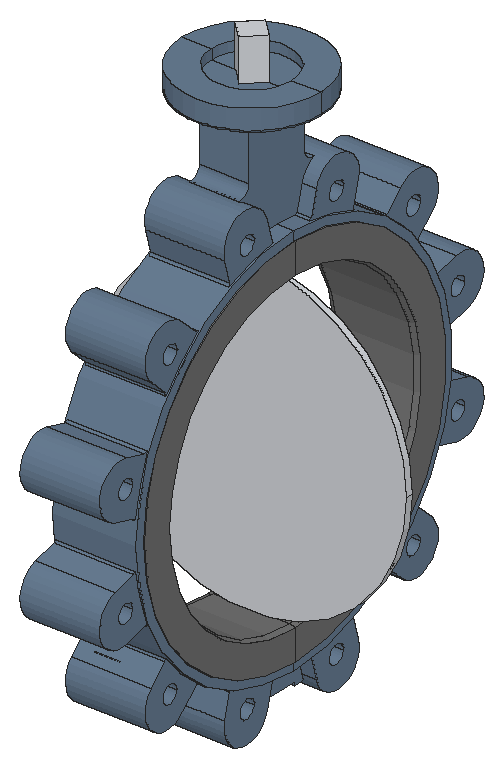
Revit family "Absperr- und Regulierklappe AF-4219", category Rohrzubehör, Revit 2020
Family settings
  Bemaßung runder Anschluss = Durchmesser verwenden
  Teiletyp = Unterbricht
  OmniClass-Nummer = 23.65.55.14
  OmniClass-Titel = Valves for Liquid Services
  Arbeitsebenenbasiert = Nein
  Immer vertikal = Ja
  Beim Laden mit Abzugskörper schneiden = Nein
  Gemeinsam genutzt = Nein
Parameters
  Vorgabe-Ansicht = 0.000 mm
  URL = "www.herz-armaturen.at"
  Spindel = "Edelstahl ASTM-A276 / Type 316"  # constant formula
  Schrauben [instance] = if(Nennweite = 50.000 mm, "4x M16x35", if(Nennweite = 65.000 mm, "4x M16x35", if(Nennweite = 80.000 mm, "8x M16x35", if(Nennweite = 100.000 mm, "8x M16x40", if(Nennweite = 125.000 mm, "8x M16x40", if(Nennweite = 150.000 mm, "8x M20x40", if(Nennweite = 200.000 mm, "12x M20x45", if(Nennweite = 250.000 mm, "12x M24x45", "12x M24x45"))))))))  # "12x M24x45"
  SCTWSEQ = "FW;SBT_TYP_FW=\"101\";2"
  SCTWCODE = "04;07;02"  # constant formula
  SCRNSEQ = "ARM;ARM_TYP=\"ALLF\";2"
  SCRNCODE = "05;13;02"  # constant formula
  R99 = 1.500 mm  # constant formula
  R02 [instance] = size_lookup("4219_AF_", "R2", 1.000 mm, Nennweite)  # 37.500 mm
  PN [instance] = size_lookup("4219_AF_", "PN", 16, Nennweite)  # 10
  O-Ring = "EPDM entsprechend ISO 1691"  # constant formula
  Min.Betriebstemperatur = "-20.00 °C bei entsprechender Wasser-Glycolmischung"  # constant formula
  Medium = "Ethylen- und Propyleneglykol kann in einem Mischungsverhältnis zwischen 25 - 50 vol. [%] verwendet werden."
  Max.Betriebstemperatur = 110 °C  # constant formula
  L05 [instance] = size_lookup("4219_AF_", "L5", 1.000 mm, Nennweite)  # 22.000 mm
  L04 [instance] = L01 - 3.500 mm  # 35.500 mm
  L03 [instance] = L01 + 1.500 mm  # 40.500 mm
  L02 [instance] = size_lookup("4219_AF_", "L2", 14.500 mm, Nennweite)  # 30.500 mm
  L01 [instance] = size_lookup("4219_AF_", "L1", 21.500 mm, Nennweite)  # 39.000 mm
  R01 [instance] = size_lookup("4219_AF_", "R1", 44.000 mm, Nennweite)  # 65.000 mm
  Nennweite [instance] = 300.000 mm
  Klappenscheibe = "Edelstahl 1.4408"  # constant formula
  Hersteller = "HERZ Armaturen Ges.m.b.H."  # constant formula
  Hebel DN50-150 = "Stahl, ST14.03"  # constant formula
  Hebel DN200-DN300 = "Stahl, S235 DIN2458/1626"  # constant formula
  H05 [instance] = size_lookup("4219_AF_", "H5", 1.000 mm, Nennweite) + H03  # 39.000 mm
  H04 [instance] = H01 - H03  # 299.000 mm
  H03 [instance] = size_lookup("4219_AF_", "H3", 1.000 mm, Nennweite)  # 9.000 mm
  H02 [instance] = size_lookup("4219_AF_", "H2", 13.000 mm, Nennweite)  # 20.000 mm
  H01 [instance] = size_lookup("4219_AF_", "H1", 125.000 mm, Nennweite)  # 308.000 mm
  Gewicht [instance] = size_lookup("4219_AF_", "Gewicht", 3.8, Nennweite)  # 37.6
  Gehäuseauskleidung = "EPDM entsprechend ISO 1691"  # constant formula
  Gehäuse = "GGG, GJS-400-15/JS1030, entsprechend EN1563"  # constant formula
  Drehmoment in NM [instance] = size_lookup("4219_AF_", "Nm", 20, Nennweite)  # 350
  DN80 [instance] = Nennweite = 80.000 mm  # no
  DN65 [instance] = Nennweite = 65.000 mm  # no
  DN50 [instance] = Nennweite = 50.000 mm  # no
  DN300 [instance] = Nennweite = 300.000 mm  # yes
  DN250 [instance] = Nennweite = 250.000 mm  # no
  DN200 [instance] = Nennweite = 200.000 mm  # no
  DN150 [instance] = Nennweite = 150.000 mm  # no
  DN125 [instance] = Nennweite = 125.000 mm  # no
  DN100 [instance] = Nennweite = 100.000 mm  # no
  D06 [instance] = size_lookup("4219_AF_", "D6", 25.300 mm, Nennweite)  # 146.500 mm
  D05 [instance] = size_lookup("4219_AF_", "D5", 24.500 mm, Nennweite)  # 145.000 mm
  D04 [instance] = D05 + 2.000 mm  # 147.000 mm
  D03 [instance] = size_lookup("4219_AF_", "D3", 35.500 mm, Nennweite)  # 167.500 mm
  D02 [instance] = size_lookup("4219_AF_", "D2", 41.000 mm, Nennweite)  # 175.000 mm
  D01 [instance] = size_lookup("4219_AF_", "D1", 47.000 mm, Nennweite)  # 183.000 mm
  Bestellnummer [instance] = size_lookup("4219_AF_", "Artnr", 421911, Nennweite)  # 1421939
  Anwendungsgebiet = "Geeignet für Flüssigkeiten in der Haustechnik, Kaltwasser, Heißwasser, etc."
  Anschlussflansch = "entsprechend EN1092-2"  # constant formula
Reference planes
  plane 1 "Mitte (Vorne/hinten)": y = 0
  plane 2: z = 0
  plane 3 "Mitte (Links/rechts)": x = 0
Forms (mm)
  Revolve 1, solid, material "Herz-Metall-blau", detail levels fine
    sketch origin (0, 0, 0) x (1, 0, 0) y (0, 0, 1)
      loop
        line (-30.5, 175) -> (-30.5, 167.5) -> (30.5, 167.5) -> (30.5, 175) -> (39, 175) -> (39, 183) -> (-39, 183) -> (-39, 175) -> (-30.5, 175)
      axis (-39, 0) -> (39, 0)
    angle from 0 to 360
  Revolve 2, solid, material "Herz-Metall-blau", detail levels fine
    sketch origin (0, 0, 0) x (1, 0, 0) y (0, 0, 1)
      loop
        line (-65, 308) -> (-65, 289.463)
        arc (-65, 289.463) -> (-64.673, 288.527) -> (-63.833, 288) r 1.5
        line (-63.833, 288) -> (0, 288) -> (0, 299) -> (-37.5, 299) -> (-37.5, 308) -> (-65, 308)
      axis (0, 308) -> (0, 288)
    angle from 0 to 360
  Extrusion 3, solid, material "Herz-Metall-blau", visible <- "DN50", detail levels fine
    sketch origin (0, 0, 0) x (0, 1, 0) y (0, 0, 1)
      loop
        line (56.215, -32.173) -> (43.95, -19.909)
        arc (43.95, -19.909) -> (43.387, -18.793) -> (43.596, -17.56) r 2
        arc (43.596, -17.56) -> (33.234, -33.234) -> (17.56, -43.596) r 47
        arc (17.56, -43.596) -> (18.793, -43.387) -> (19.909, -43.95) r 2
        line (19.909, -43.95) -> (32.173, -56.215)
        arc (32.173, -56.215) -> (56.215, -56.215) -> (56.215, -32.173) r 17
      loop
        arc (-56.215, -32.173) -> (-56.215, -56.215) -> (-32.173, -56.215) r 17
        line (-32.173, -56.215) -> (-19.909, -43.95)
        arc (-19.909, -43.95) -> (-18.793, -43.387) -> (-17.56, -43.596) r 2
        arc (-17.56, -43.596) -> (-33.234, -33.234) -> (-43.596, -17.56) r 47
        arc (-43.596, -17.56) -> (-43.387, -18.793) -> (-43.95, -19.909) r 2
        line (-43.95, -19.909) -> (-56.215, -32.173)
      loop
        arc (56.215, 32.173) -> (56.215, 56.215) -> (32.173, 56.215) r 17
        line (32.173, 56.215) -> (19.909, 43.95)
        arc (19.909, 43.95) -> (18.793, 43.387) -> (17.56, 43.596) r 2
        arc (17.56, 43.596) -> (33.234, 33.234) -> (43.596, 17.56) r 47
        arc (43.596, 17.56) -> (43.387, 18.793) -> (43.95, 19.909) r 2
        line (43.95, 19.909) -> (56.215, 32.173)
      loop
        line (-56.215, 32.173) -> (-43.95, 19.909)
        arc (-43.95, 19.909) -> (-43.387, 18.793) -> (-43.596, 17.56) r 2
        arc (-43.596, 17.56) -> (-33.234, 33.234) -> (-17.56, 43.596) r 47
        arc (-17.56, 43.596) -> (-18.793, 43.387) -> (-19.909, 43.95) r 2
        line (-19.909, 43.95) -> (-32.173, 56.215)
        arc (-32.173, 56.215) -> (-56.215, 56.215) -> (-56.215, 32.173) r 17
      loop
        circle (-44.194, 44.194) r 6.92
      loop
        circle (44.194, 44.194) r 6.92
      loop
        circle (44.194, -44.194) r 6.92
      loop
        circle (-44.194, -44.194) r 6.92
    from -19.5 to 19.5
  Extrusion 4, solid, material "Herz-Metall-blau", visible <- "DN50", detail levels fine
    sketch origin (0, 0, 0) x (0, 1, 0) y (0, 0, 1)
      loop
        line (20, 74.845) -> (20, 112) -> (-20, 112) -> (-20, 74.845)
        arc (-20, 74.845) -> (-26.046, 62.811) -> (-39.31, 60.477) r 15
        arc (-39.31, 60.477) -> (-35.477, 58.789) -> (-32.173, 56.215) r 17
        line (-32.173, 56.215) -> (-19.909, 43.95)
        arc (-19.909, 43.95) -> (-18.793, 43.387) -> (-17.56, 43.596) r 2
        arc (-17.56, 43.596) -> (0, 47) -> (17.56, 43.596) r 47
        arc (17.56, 43.596) -> (18.793, 43.387) -> (19.909, 43.95) r 2
        line (19.909, 43.95) -> (32.173, 56.215)
        arc (32.173, 56.215) -> (35.477, 58.789) -> (39.31, 60.477) r 17
        arc (39.31, 60.477) -> (26.046, 62.811) -> (20, 74.845) r 15
    from -15 to 15
  Extrusion 5, solid, material "Herz-Metall-blau", visible <- "DN50"
    sketch origin (0, 0, 0) x (0, 1, 0) y (0, 0, 1)
      loop
        arc (33.834, -58) -> (34.246, -58.062) -> (34.622, -58.243) r 1.4
        arc (34.622, -58.243) -> (33.35, -57.286) -> (32.173, -56.215) r 17
        line (32.173, -56.215) -> (19.909, -43.95)
        arc (19.909, -43.95) -> (18.793, -43.387) -> (17.56, -43.596) r 2
        arc (17.56, -43.596) -> (0, -47) -> (-17.56, -43.596) r 47
        arc (-17.56, -43.596) -> (-18.793, -43.387) -> (-19.909, -43.95) r 2
        line (-19.909, -43.95) -> (-32.173, -56.215)
        arc (-32.173, -56.215) -> (-33.35, -57.286) -> (-34.622, -58.243) r 17
        arc (-34.622, -58.243) -> (-34.246, -58.062) -> (-33.834, -58) r 1.4
        line (-33.834, -58) -> (-16.963, -58)
        arc (-16.963, -58) -> (-15.575, -58.575) -> (-15, -59.963) r 1.963
        line (-15, -59.963) -> (-15, -61) -> (15, -61) -> (15, -59.963)
        arc (15, -59.963) -> (15.575, -58.575) -> (16.963, -58) r 1.963
        line (16.963, -58) -> (33.834, -58)
    from -15 to 15
  Revolve 6, solid, material "Gummi", detail levels fine
    sketch origin (-134.5, 0, 0) x (1, 0, 0) y (0, 0, 1)
      loop
        line (94, 175) -> (94, 147) -> (99, 145) -> (170, 145) -> (175, 147) -> (175, 175) -> (165, 175) -> (165, 167.5) -> (104, 167.5) -> (104, 175) -> (94, 175)
      axis (94, 0) -> (175, 0)
    angle from 0 to 360
  Extrusion 7, solid, detail levels fine
    sketch origin (0, 0, 0) x (1, 0, 0) y (0, 0, 1)
      loop
        circle (0, 0) r 146.5
    from -2.5 to 2.5
  Extrusion 8, solid, material "Herz-Metall-blau", visible <- "DN65", detail levels fine
    sketch origin (0, -300, 0) x (0, 1, 0) y (0, 0, 1)
      loop
        circle (351.265, 51.265) r 6.92
      loop
        arc (363.286, 39.244) -> (363.286, 63.286) -> (339.244, 63.286) r 17
        line (339.244, 63.286) -> (328.595, 52.636)
        arc (328.595, 52.636) -> (327.499, 52.076) -> (326.282, 52.264) r 2
        arc (326.282, 52.264) -> (341.366, 41.366) -> (352.264, 26.282) r 58.501
        arc (352.264, 26.282) -> (352.087, 27.51) -> (352.656, 28.614) r 2.038
        line (352.656, 28.614) -> (363.286, 39.244)
      loop
        circle (351.265, -51.265) r 6.92
      loop
        line (363.286, -39.244) -> (352.656, -28.614)
        arc (352.656, -28.614) -> (352.087, -27.51) -> (352.264, -26.282) r 2.038
        arc (352.264, -26.282) -> (341.366, -41.366) -> (326.282, -52.264) r 58.501
        arc (326.282, -52.264) -> (327.499, -52.076) -> (328.595, -52.636) r 2
        line (328.595, -52.636) -> (339.244, -63.286)
        arc (339.244, -63.286) -> (363.286, -63.286) -> (363.286, -39.244) r 17
      loop
        circle (248.735, 51.265) r 6.92
      loop
        line (236.714, 39.244) -> (247.344, 28.614)
        arc (247.344, 28.614) -> (247.913, 27.51) -> (247.736, 26.282) r 2.038
        arc (247.736, 26.282) -> (258.634, 41.366) -> (273.718, 52.264) r 58.501
        arc (273.718, 52.264) -> (272.501, 52.076) -> (271.405, 52.636) r 2
        line (271.405, 52.636) -> (260.756, 63.286)
        arc (260.756, 63.286) -> (236.714, 63.286) -> (236.714, 39.244) r 17
      loop
        circle (248.735, -51.265) r 6.92
      loop
        arc (236.714, -39.244) -> (236.714, -63.286) -> (260.756, -63.286) r 17
        line (260.756, -63.286) -> (271.405, -52.636)
        arc (271.405, -52.636) -> (272.501, -52.076) -> (273.718, -52.264) r 2
        arc (273.718, -52.264) -> (258.634, -41.366) -> (247.736, -26.282) r 58.501
        arc (247.736, -26.282) -> (247.913, -27.51) -> (247.344, -28.614) r 2.038
        line (247.344, -28.614) -> (236.714, -39.244)
    from -21 to 21
  Extrusion 9, solid, material "Herz-Metall-blau", visible <- "DN65", detail levels fine
    sketch origin (0, -300, 0) x (0, 1, 0) y (0, 0, 1)
      loop
        line (278, 136.5) -> (278, 78.286)
        arc (278, 78.286) -> (272.889, 69.099) -> (263, 65.53) r 14.984
        line (263, 65.53) -> (257.982, 65.53)
        arc (257.982, 65.53) -> (259.428, 64.481) -> (260.756, 63.286) r 17
        line (260.756, 63.286) -> (271.405, 52.636)
        arc (271.405, 52.636) -> (272.501, 52.076) -> (273.718, 52.264) r 2
        arc (273.718, 52.264) -> (300, 58.5) -> (326.282, 52.264) r 58.5
        arc (326.282, 52.264) -> (327.499, 52.076) -> (328.595, 52.636) r 2
        line (328.595, 52.636) -> (339.244, 63.286)
        arc (339.244, 63.286) -> (340.572, 64.481) -> (342.018, 65.53) r 17
        line (342.018, 65.53) -> (337, 65.53)
        arc (337, 65.53) -> (327.111, 69.099) -> (322, 78.286) r 14.984
        line (322, 78.286) -> (322, 136.5) -> (278, 136.5)
      loop
        arc (260.756, -63.286) -> (259.428, -64.481) -> (257.982, -65.53) r 17
        line (257.982, -65.53) -> (280.029, -65.53)
        arc (280.029, -65.53) -> (281.423, -66.108) -> (282, -67.501) r 1.971
        line (282, -67.501) -> (282, -74) -> (318, -74) -> (318, -67.527)
        arc (318, -67.527) -> (318.585, -66.115) -> (319.997, -65.53) r 1.997
        line (319.997, -65.53) -> (342.018, -65.53)
        arc (342.018, -65.53) -> (340.572, -64.481) -> (339.244, -63.286) r 17
        line (339.244, -63.286) -> (328.595, -52.636)
        arc (328.595, -52.636) -> (327.499, -52.076) -> (326.282, -52.264) r 2
        arc (326.282, -52.264) -> (300, -58.5) -> (273.718, -52.264) r 58.5
        arc (273.718, -52.264) -> (272.501, -52.076) -> (271.405, -52.636) r 2
        line (271.405, -52.636) -> (260.756, -63.286)
    from -18 to 18
  Extrusion 10, solid, material "Herz-Metall-blau", visible <- "DN80", detail levels fine
    sketch origin (0, -300, 0) x (0, 1, 0) y (0, 0, 1)
      loop
        circle (269.385, 73.91) r 6.92
      loop
        arc (285.091, 80.416) -> (262.88, 89.616) -> (253.679, 67.405) r 17
        line (253.679, 67.405) -> (259.513, 53.322)
        arc (259.513, 53.322) -> (259.602, 52.073) -> (258.924, 51.02) r 1.982
        arc (258.924, 51.02) -> (274.934, 60.514) -> (292.968, 65.121) r 65.5
        arc (292.968, 65.121) -> (291.745, 65.388) -> (290.924, 66.335) r 1.984
        line (290.924, 66.335) -> (285.091, 80.416)
      loop
        circle (226.09, 30.615) r 6.92
      loop
        line (219.584, 14.909) -> (233.665, 9.076)
        arc (233.665, 9.076) -> (234.612, 8.255) -> (234.879, 7.032) r 1.984
        arc (234.879, 7.032) -> (239.486, 25.066) -> (248.98, 41.076) r 65.5
        arc (248.98, 41.076) -> (247.927, 40.398) -> (246.678, 40.487) r 1.982
        line (246.678, 40.487) -> (232.595, 46.321)
        arc (232.595, 46.321) -> (210.384, 37.12) -> (219.584, 14.909) r 17
      loop
        circle (269.385, -73.91) r 6.92
      loop
        line (285.091, -80.416) -> (290.924, -66.335)
        arc (290.924, -66.335) -> (291.745, -65.388) -> (292.968, -65.121) r 1.984
        arc (292.968, -65.121) -> (274.934, -60.514) -> (258.924, -51.02) r 65.5
        arc (258.924, -51.02) -> (259.602, -52.073) -> (259.513, -53.322) r 1.982
        line (259.513, -53.322) -> (253.679, -67.405)
        arc (253.679, -67.405) -> (262.88, -89.616) -> (285.091, -80.416) r 17
      loop
        circle (226.09, -30.615) r 6.92
      loop
        arc (219.584, -14.909) -> (210.384, -37.12) -> (232.595, -46.321) r 17
        line (232.595, -46.321) -> (246.678, -40.487)
        arc (246.678, -40.487) -> (247.927, -40.398) -> (248.98, -41.076) r 1.982
        arc (248.98, -41.076) -> (239.486, -25.066) -> (234.879, -7.032) r 65.5
        arc (234.879, -7.032) -> (234.612, -8.255) -> (233.665, -9.076) r 1.984
        line (233.665, -9.076) -> (219.584, -14.909)
      loop
        circle (330.615, 73.91) r 6.92
      loop
        line (314.909, 80.416) -> (309.076, 66.335)
        arc (309.076, 66.335) -> (308.255, 65.388) -> (307.032, 65.121) r 1.984
        arc (307.032, 65.121) -> (325.066, 60.514) -> (341.076, 51.02) r 65.5
        arc (341.076, 51.02) -> (340.398, 52.073) -> (340.487, 53.322) r 1.982
        line (340.487, 53.322) -> (346.321, 67.405)
        arc (346.321, 67.405) -> (337.12, 89.616) -> (314.909, 80.416) r 17
      loop
        circle (373.91, 30.615) r 6.92
      loop
        arc (380.416, 14.909) -> (389.616, 37.12) -> (367.405, 46.321) r 17
        line (367.405, 46.321) -> (353.322, 40.487)
        arc (353.322, 40.487) -> (352.073, 40.398) -> (351.02, 41.076) r 1.982
        arc (351.02, 41.076) -> (360.514, 25.066) -> (365.121, 7.032) r 65.5
        arc (365.121, 7.032) -> (365.388, 8.255) -> (366.335, 9.076) r 1.984
        line (366.335, 9.076) -> (380.416, 14.909)
      loop
        circle (330.615, -73.91) r 6.92
      loop
        arc (314.909, -80.416) -> (337.12, -89.616) -> (346.321, -67.405) r 17
        line (346.321, -67.405) -> (340.487, -53.322)
        arc (340.487, -53.322) -> (340.398, -52.073) -> (341.076, -51.02) r 1.982
        arc (341.076, -51.02) -> (325.066, -60.514) -> (307.032, -65.121) r 65.5
        arc (307.032, -65.121) -> (308.255, -65.388) -> (309.076, -66.335) r 1.984
        line (309.076, -66.335) -> (314.909, -80.416)
      loop
        circle (373.91, -30.615) r 6.92
      loop
        line (380.416, -14.909) -> (366.335, -9.076)
        arc (366.335, -9.076) -> (365.388, -8.255) -> (365.121, -7.032) r 1.984
        arc (365.121, -7.032) -> (360.514, -25.066) -> (351.02, -41.076) r 65.5
        arc (351.02, -41.076) -> (352.073, -40.398) -> (353.322, -40.487) r 1.982
        line (353.322, -40.487) -> (367.405, -46.321)
        arc (367.405, -46.321) -> (389.616, -37.12) -> (380.416, -14.909) r 17
    from -21 to 21
  Extrusion 11, solid, material "Herz-Metall-blau", visible <- "DN80", detail levels fine
    sketch origin (0, -300, 0) x (0, 1, 0) y (0, 0, 1)
      loop
        line (278, 143.5) -> (278, 100.814)
        arc (278, 100.814) -> (275.545, 94.251) -> (269.385, 90.91) r 10
        arc (269.385, 90.91) -> (278.83, 88.045) -> (285.091, 80.416) r 17
        line (285.091, 80.416) -> (290.924, 66.335)
        arc (290.924, 66.335) -> (291.744, 65.388) -> (292.968, 65.121) r 1.984
        arc (292.968, 65.121) -> (300, 65.497) -> (307.032, 65.121) r 66.05
        arc (307.032, 65.121) -> (308.256, 65.388) -> (309.076, 66.335) r 1.984
        line (309.076, 66.335) -> (314.909, 80.416)
        arc (314.909, 80.416) -> (321.17, 88.045) -> (330.615, 90.91) r 17
        arc (330.615, 90.91) -> (324.455, 94.251) -> (322, 100.814) r 10
        line (322, 100.814) -> (322, 143.5) -> (278, 143.5)
      loop
        line (285.091, -80.416) -> (286.5, -80.946) -> (313.5, -80.946) -> (314.89, -80.371) -> (309.076, -66.335)
        arc (309.076, -66.335) -> (308.256, -65.388) -> (307.032, -65.121) r 1.984
        arc (307.032, -65.121) -> (300, -65.497) -> (292.968, -65.121) r 66.05
        arc (292.968, -65.121) -> (291.744, -65.388) -> (290.924, -66.335) r 1.984
        line (290.924, -66.335) -> (285.091, -80.416)
    from -18.5 to 18.5
  Extrusion 12, solid, material "Herz-Metall-blau", visible <- "DN100", detail levels fine
    sketch origin (0, -300, 0) x (0, 1, 0) y (0, 0, 1)
      loop
        circle (265.558, 83.149) r 6.92
      loop
        arc (281.264, 89.655) -> (259.053, 98.855) -> (249.853, 76.644) r 17
        line (249.853, 76.644) -> (255.731, 62.451)
        arc (255.731, 62.451) -> (255.813, 61.14) -> (255.074, 60.055) r 2.025
        arc (255.074, 60.055) -> (271.3, 69.291) -> (289.305, 74.233) r 75
        arc (289.305, 74.233) -> (288.012, 74.478) -> (287.142, 75.464) r 2.027
        line (287.142, 75.464) -> (281.264, 89.655)
      loop
        circle (216.851, 34.442) r 6.92
      loop
        line (210.345, 18.736) -> (224.536, 12.858)
        arc (224.536, 12.858) -> (225.522, 11.988) -> (225.767, 10.695) r 2.027
        arc (225.767, 10.695) -> (230.709, 28.7) -> (239.945, 44.926) r 75
        arc (239.945, 44.926) -> (238.86, 44.187) -> (237.549, 44.269) r 2.025
        line (237.549, 44.269) -> (223.356, 50.147)
        arc (223.356, 50.147) -> (201.145, 40.947) -> (210.345, 18.736) r 17
      loop
        circle (265.558, -83.149) r 6.92
      loop
        line (281.264, -89.655) -> (287.142, -75.464)
        arc (287.142, -75.464) -> (288.012, -74.478) -> (289.305, -74.233) r 2.027
        arc (289.305, -74.233) -> (271.3, -69.291) -> (255.074, -60.055) r 75
        arc (255.074, -60.055) -> (255.813, -61.14) -> (255.731, -62.451) r 2.025
        line (255.731, -62.451) -> (249.853, -76.644)
        arc (249.853, -76.644) -> (259.053, -98.855) -> (281.264, -89.655) r 17
      loop
        circle (216.851, -34.442) r 6.92
      loop
        arc (210.345, -18.736) -> (201.145, -40.947) -> (223.356, -50.147) r 17
        line (223.356, -50.147) -> (237.549, -44.269)
        arc (237.549, -44.269) -> (238.86, -44.187) -> (239.945, -44.926) r 2.025
        arc (239.945, -44.926) -> (230.709, -28.7) -> (225.767, -10.695) r 75
        arc (225.767, -10.695) -> (225.522, -11.988) -> (224.536, -12.858) r 2.027
        line (224.536, -12.858) -> (210.345, -18.736)
      loop
        circle (334.442, 83.149) r 6.92
      loop
        line (318.736, 89.655) -> (312.858, 75.464)
        arc (312.858, 75.464) -> (311.988, 74.478) -> (310.695, 74.233) r 2.027
        arc (310.695, 74.233) -> (328.7, 69.291) -> (344.926, 60.055) r 75
        arc (344.926, 60.055) -> (344.187, 61.14) -> (344.269, 62.451) r 2.025
        line (344.269, 62.451) -> (350.147, 76.644)
        arc (350.147, 76.644) -> (340.947, 98.855) -> (318.736, 89.655) r 17
      loop
        circle (383.149, 34.442) r 6.92
      loop
        arc (389.655, 18.736) -> (398.855, 40.947) -> (376.644, 50.147) r 17
        line (376.644, 50.147) -> (362.451, 44.269)
        arc (362.451, 44.269) -> (361.14, 44.187) -> (360.055, 44.926) r 2.025
        arc (360.055, 44.926) -> (369.291, 28.7) -> (374.233, 10.695) r 75
        arc (374.233, 10.695) -> (374.478, 11.988) -> (375.464, 12.858) r 2.027
        line (375.464, 12.858) -> (389.655, 18.736)
      loop
        circle (334.442, -83.149) r 6.92
      loop
        arc (318.736, -89.655) -> (340.947, -98.855) -> (350.147, -76.644) r 17
        line (350.147, -76.644) -> (344.269, -62.451)
        arc (344.269, -62.451) -> (344.187, -61.14) -> (344.926, -60.055) r 2.025
        arc (344.926, -60.055) -> (328.7, -69.291) -> (310.695, -74.233) r 75
        arc (310.695, -74.233) -> (311.988, -74.478) -> (312.858, -75.464) r 2.027
        line (312.858, -75.464) -> (318.736, -89.655)
      loop
        circle (383.149, -34.442) r 6.92
      loop
        line (389.655, -18.736) -> (375.464, -12.858)
        arc (375.464, -12.858) -> (374.478, -11.988) -> (374.233, -10.695) r 2.027
        arc (374.233, -10.695) -> (369.291, -28.7) -> (360.055, -44.926) r 75
        arc (360.055, -44.926) -> (361.14, -44.187) -> (362.451, -44.269) r 2.025
        line (362.451, -44.269) -> (376.644, -50.147)
        arc (376.644, -50.147) -> (398.855, -40.947) -> (389.655, -18.736) r 17
    from -24 to 24
  Extrusion 13, solid, material "Herz-Metall-blau", visible <- "DN100", detail levels fine
    sketch origin (0, -300, 0) x (0, 1, 0) y (0, 0, 1)
      loop
        line (274, 167) -> (274, 114.47)
        arc (274, 114.47) -> (270.644, 105.014) -> (262.078, 99.789) r 15
        arc (262.078, 99.789) -> (273.498, 98.181) -> (281.264, 89.655) r 17
        line (281.264, 89.655) -> (287.142, 75.464)
        arc (287.142, 75.464) -> (288.012, 74.478) -> (289.305, 74.233) r 2.027
        arc (289.305, 74.233) -> (300, 75) -> (310.695, 74.233) r 75
        arc (310.695, 74.233) -> (311.988, 74.478) -> (312.858, 75.464) r 2.027
        line (312.858, 75.464) -> (318.736, 89.655)
        arc (318.736, 89.655) -> (326.502, 98.181) -> (337.922, 99.789) r 17
        arc (337.922, 99.789) -> (329.356, 105.014) -> (326, 114.47) r 15
        line (326, 114.47) -> (326, 167) -> (274, 167)
      loop
        line (286.5, -93) -> (313.5, -93) -> (313.5, -96) -> (323.312, -96)
        arc (323.312, -96) -> (320.654, -93.094) -> (318.736, -89.655) r 17
        line (318.736, -89.655) -> (312.858, -75.464)
        arc (312.858, -75.464) -> (311.988, -74.478) -> (310.695, -74.233) r 2.027
        arc (310.695, -74.233) -> (300, -75) -> (289.305, -74.233) r 75
        arc (289.305, -74.233) -> (288.012, -74.478) -> (287.142, -75.464) r 2.027
        line (287.142, -75.464) -> (281.264, -89.655)
        arc (281.264, -89.655) -> (279.346, -93.094) -> (276.688, -96) r 17
        line (276.688, -96) -> (286.5, -96) -> (286.5, -93)
    from -18 to 18
  Extrusion 14, solid, material "Herz-Metall-blau", visible <- "DN125", detail levels fine
    sketch origin (0, -300, 0) x (0, 1, 0) y (0, 0, 1)
      loop
        circle (259.818, 97.007) r 6.92
      loop
        arc (275.524, 103.513) -> (253.313, 112.713) -> (244.112, 90.502) r 17
        line (244.112, 90.502) -> (249.217, 78.179)
        arc (249.217, 78.179) -> (249.286, 76.825) -> (248.485, 75.731) r 2.023
        arc (248.485, 75.731) -> (264.902, 84.594) -> (282.772, 89.957) r 91.852
        arc (282.772, 89.957) -> (281.505, 90.18) -> (280.649, 91.141) r 1.958
        line (280.649, 91.141) -> (275.524, 103.513)
      loop
        circle (202.993, 40.182) r 6.92
      loop
        line (196.487, 24.476) -> (208.859, 19.351)
        arc (208.859, 19.351) -> (209.82, 18.495) -> (210.043, 17.228) r 1.958
        arc (210.043, 17.228) -> (215.406, 35.098) -> (224.269, 51.515) r 91.852
        arc (224.269, 51.515) -> (223.175, 50.714) -> (221.821, 50.783) r 2.023
        line (221.821, 50.783) -> (209.498, 55.888)
        arc (209.498, 55.888) -> (187.287, 46.687) -> (196.487, 24.476) r 17
      loop
        circle (259.818, -97.007) r 6.92
      loop
        line (275.524, -103.513) -> (280.649, -91.141)
        arc (280.649, -91.141) -> (281.505, -90.18) -> (282.772, -89.957) r 1.958
        arc (282.772, -89.957) -> (264.902, -84.594) -> (248.485, -75.731) r 91.852
        arc (248.485, -75.731) -> (249.286, -76.825) -> (249.217, -78.179) r 2.023
        line (249.217, -78.179) -> (244.112, -90.502)
        arc (244.112, -90.502) -> (253.313, -112.713) -> (275.524, -103.513) r 17
      loop
        circle (202.993, -40.182) r 6.92
      loop
        arc (196.487, -24.476) -> (187.287, -46.687) -> (209.498, -55.888) r 17
        line (209.498, -55.888) -> (221.821, -50.783)
        arc (221.821, -50.783) -> (223.175, -50.714) -> (224.269, -51.515) r 2.023
        arc (224.269, -51.515) -> (215.406, -35.098) -> (210.043, -17.228) r 91.852
        arc (210.043, -17.228) -> (209.82, -18.495) -> (208.859, -19.351) r 1.958
        line (208.859, -19.351) -> (196.487, -24.476)
      loop
        circle (340.182, 97.007) r 6.92
      loop
        line (324.476, 103.513) -> (319.351, 91.141)
        arc (319.351, 91.141) -> (318.495, 90.18) -> (317.228, 89.957) r 1.958
        arc (317.228, 89.957) -> (335.098, 84.594) -> (351.515, 75.731) r 91.852
        arc (351.515, 75.731) -> (350.714, 76.825) -> (350.783, 78.179) r 2.023
        line (350.783, 78.179) -> (355.888, 90.502)
        arc (355.888, 90.502) -> (346.687, 112.713) -> (324.476, 103.513) r 17
      loop
        circle (397.007, 40.182) r 6.92
      loop
        arc (403.513, 24.476) -> (412.713, 46.687) -> (390.502, 55.888) r 17
        line (390.502, 55.888) -> (378.179, 50.783)
        arc (378.179, 50.783) -> (376.825, 50.714) -> (375.731, 51.515) r 2.023
        arc (375.731, 51.515) -> (384.594, 35.098) -> (389.957, 17.228) r 91.852
        arc (389.957, 17.228) -> (390.18, 18.495) -> (391.141, 19.351) r 1.958
        line (391.141, 19.351) -> (403.513, 24.476)
      loop
        circle (340.182, -97.007) r 6.92
      loop
        arc (324.476, -103.513) -> (346.687, -112.713) -> (355.888, -90.502) r 17
        line (355.888, -90.502) -> (350.783, -78.179)
        arc (350.783, -78.179) -> (350.714, -76.825) -> (351.515, -75.731) r 2.023
        arc (351.515, -75.731) -> (335.098, -84.594) -> (317.228, -89.957) r 91.852
        arc (317.228, -89.957) -> (318.495, -90.18) -> (319.351, -91.141) r 1.958
        line (319.351, -91.141) -> (324.476, -103.513)
      loop
        circle (397.007, -40.182) r 6.92
      loop
        line (403.513, -24.476) -> (391.141, -19.351)
        arc (391.141, -19.351) -> (390.18, -18.495) -> (389.957, -17.228) r 1.958
        arc (389.957, -17.228) -> (384.594, -35.098) -> (375.731, -51.515) r 91.852
        arc (375.731, -51.515) -> (376.825, -50.714) -> (378.179, -50.783) r 2.023
        line (378.179, -50.783) -> (390.502, -55.888)
        arc (390.502, -55.888) -> (412.713, -46.687) -> (403.513, -24.476) r 17
    from -26 to 26
  Extrusion 15, solid, material "Herz-Metall-blau", visible <- "DN125", detail levels fine
    sketch origin (0, -300, 0) x (0, 1, 0) y (0, 0, 1)
      loop
        line (273.999, 186) -> (273.95, 123.689)
        arc (273.95, 123.689) -> (270.458, 116.096) -> (262.42, 113.807) r 10
        arc (262.42, 113.807) -> (270.32, 110.376) -> (275.524, 103.513) r 17
        line (275.524, 103.513) -> (280.649, 91.141)
        arc (280.649, 91.141) -> (281.528, 90.167) -> (282.825, 89.967) r 1.958
        arc (282.825, 89.967) -> (299.999, 91.589) -> (317.173, 89.967) r 91.7
        arc (317.173, 89.967) -> (318.469, 90.167) -> (319.348, 91.141) r 1.958
        line (319.348, 91.141) -> (324.473, 103.513)
        arc (324.473, 103.513) -> (329.677, 110.376) -> (337.577, 113.807) r 17
        arc (337.577, 113.807) -> (329.539, 116.096) -> (325.999, 123.689) r 10
        line (325.999, 123.689) -> (325.999, 186) -> (273.999, 186)
      loop
        line (286.499, -110.51) -> (313.499, -110.51) -> (313.499, -113.51) -> (336.099, -113.51)
        arc (336.099, -113.51) -> (329.095, -109.897) -> (324.473, -103.513) r 17
        line (324.473, -103.513) -> (319.348, -91.141)
        arc (319.348, -91.141) -> (318.469, -90.167) -> (317.173, -89.967) r 1.958
        arc (317.173, -89.967) -> (299.999, -91.589) -> (282.825, -89.967) r 91.7
        arc (282.825, -89.967) -> (281.528, -90.167) -> (280.649, -91.141) r 1.958
        line (280.649, -91.141) -> (275.524, -103.513)
        arc (275.524, -103.513) -> (270.902, -109.897) -> (263.898, -113.51) r 17
        line (263.898, -113.51) -> (286.499, -113.51) -> (286.499, -110.51)
    from -18 to 18
  Extrusion 16, solid, material "Herz-Metall-blau", visible <- "DN150", detail levels fine
    sketch origin (0, -300, 0) x (0, 1, 0) y (0, 0, 1)
      loop
        circle (254.078, 110.866) r 8.645
      loop
        arc (273.479, 118.902) -> (246.042, 130.267) -> (234.677, 102.829) r 21
        line (234.677, 102.829) -> (241.591, 86.136)
        arc (241.591, 86.136) -> (241.664, 84.82) -> (240.899, 83.746) r 1.993
        arc (240.899, 83.746) -> (260.776, 94.698) -> (282.575, 101.008) r 102.504
        arc (282.575, 101.008) -> (281.263, 101.248) -> (280.379, 102.246) r 2.042
        line (280.379, 102.246) -> (273.479, 118.902)
      loop
        circle (189.134, 45.922) r 8.645
      loop
        line (181.098, 26.521) -> (197.754, 19.621)
        arc (197.754, 19.621) -> (198.752, 18.737) -> (198.992, 17.425) r 2.042
        arc (198.992, 17.425) -> (205.302, 39.224) -> (216.254, 59.101) r 102.504
        arc (216.254, 59.101) -> (215.18, 58.336) -> (213.864, 58.409) r 1.993
        line (213.864, 58.409) -> (197.171, 65.323)
        arc (197.171, 65.323) -> (169.733, 53.958) -> (181.098, 26.521) r 21
      loop
        circle (254.078, -110.866) r 8.645
      loop
        line (273.479, -118.902) -> (280.379, -102.246)
        arc (280.379, -102.246) -> (281.263, -101.248) -> (282.575, -101.008) r 2.042
        arc (282.575, -101.008) -> (260.776, -94.698) -> (240.899, -83.746) r 102.504
        arc (240.899, -83.746) -> (241.664, -84.82) -> (241.591, -86.136) r 1.993
        line (241.591, -86.136) -> (234.677, -102.829)
        arc (234.677, -102.829) -> (246.042, -130.267) -> (273.479, -118.902) r 21
      loop
        circle (189.134, -45.922) r 8.645
      loop
        arc (181.098, -26.521) -> (169.733, -53.958) -> (197.171, -65.323) r 21
        line (197.171, -65.323) -> (213.864, -58.409)
        arc (213.864, -58.409) -> (215.18, -58.336) -> (216.254, -59.101) r 1.993
        arc (216.254, -59.101) -> (205.302, -39.224) -> (198.992, -17.425) r 102.504
        arc (198.992, -17.425) -> (198.752, -18.737) -> (197.754, -19.621) r 2.042
        line (197.754, -19.621) -> (181.098, -26.521)
      loop
        circle (345.922, 110.866) r 8.645
      loop
        line (326.521, 118.902) -> (319.621, 102.246)
        arc (319.621, 102.246) -> (318.737, 101.248) -> (317.425, 101.008) r 2.042
        arc (317.425, 101.008) -> (339.224, 94.698) -> (359.101, 83.746) r 102.504
        arc (359.101, 83.746) -> (358.336, 84.82) -> (358.409, 86.136) r 1.993
        line (358.409, 86.136) -> (365.323, 102.829)
        arc (365.323, 102.829) -> (353.958, 130.267) -> (326.521, 118.902) r 21
      loop
        circle (410.866, 45.922) r 8.645
      loop
        arc (418.902, 26.521) -> (430.267, 53.958) -> (402.829, 65.323) r 21
        line (402.829, 65.323) -> (386.136, 58.409)
        arc (386.136, 58.409) -> (384.82, 58.336) -> (383.746, 59.101) r 1.993
        arc (383.746, 59.101) -> (394.698, 39.224) -> (401.008, 17.425) r 102.504
        arc (401.008, 17.425) -> (401.248, 18.737) -> (402.246, 19.621) r 2.042
        line (402.246, 19.621) -> (418.902, 26.521)
      loop
        circle (345.922, -110.866) r 8.645
      loop
        arc (326.521, -118.902) -> (353.958, -130.267) -> (365.323, -102.829) r 21
        line (365.323, -102.829) -> (358.409, -86.136)
        arc (358.409, -86.136) -> (358.336, -84.82) -> (359.101, -83.746) r 1.993
        arc (359.101, -83.746) -> (339.224, -94.698) -> (317.425, -101.008) r 102.504
        arc (317.425, -101.008) -> (318.737, -101.248) -> (319.621, -102.246) r 2.042
        line (319.621, -102.246) -> (326.521, -118.902)
      loop
        circle (410.866, -45.922) r 8.645
      loop
        line (418.902, -26.521) -> (402.246, -19.621)
        arc (402.246, -19.621) -> (401.248, -18.737) -> (401.008, -17.425) r 2.042
        arc (401.008, -17.425) -> (394.698, -39.224) -> (383.746, -59.101) r 102.504
        arc (383.746, -59.101) -> (384.82, -58.336) -> (386.136, -58.409) r 1.993
        line (386.136, -58.409) -> (402.829, -65.323)
        arc (402.829, -65.323) -> (430.267, -53.958) -> (418.902, -26.521) r 21
    from -26 to 26
  Extrusion 17, solid, material "Herz-Metall-blau", visible <- "DN150", detail levels fine
    sketch origin (0, -300, 0) x (0, 1, 0) y (0, 0, 1)
      loop
        line (274, 199) -> (274, 135)
        arc (274, 135) -> (272.527, 129.776) -> (268.541, 126.091) r 10
        arc (268.541, 126.091) -> (271.388, 122.755) -> (273.479, 118.902) r 21
        line (273.479, 118.902) -> (280.379, 102.246)
        arc (280.379, 102.246) -> (281.28, 101.239) -> (282.612, 101.014) r 2.042
        arc (282.612, 101.014) -> (300, 102.5) -> (317.388, 101.014) r 102.5
        arc (317.388, 101.014) -> (318.72, 101.239) -> (319.621, 102.246) r 2.042
        line (319.621, 102.246) -> (326.521, 118.902)
        arc (326.521, 118.902) -> (328.612, 122.755) -> (331.459, 126.091) r 21
        arc (331.459, 126.091) -> (327.473, 129.776) -> (326, 135) r 10
        line (326, 135) -> (326, 199) -> (274, 199)
      loop
        line (286.5, -122.5) -> (313.5, -122.5) -> (313.5, -125.5) -> (330.861, -125.5)
        arc (330.861, -125.5) -> (328.378, -122.407) -> (326.521, -118.902) r 21
        line (326.521, -118.902) -> (319.621, -102.246)
        arc (319.621, -102.246) -> (318.72, -101.239) -> (317.388, -101.014) r 2.042
        arc (317.388, -101.014) -> (300, -102.5) -> (282.612, -101.014) r 102.5
        arc (282.612, -101.014) -> (281.28, -101.239) -> (280.379, -102.246) r 2.042
        line (280.379, -102.246) -> (273.479, -118.902)
        arc (273.479, -118.902) -> (271.622, -122.407) -> (269.139, -125.5) r 21
        line (269.139, -125.5) -> (286.5, -125.5) -> (286.5, -122.5)
    from -18 to 18
  Extrusion 18, solid, material "Herz-Metall-blau", visible <- "DN200", detail levels fine
    sketch origin (0, -400, 0) x (0, 1, 0) y (0, 0, 1)
      loop
        circle (361.824, 142.474) r 8.645
      loop
        arc (382.109, 147.909) -> (356.389, 162.759) -> (341.54, 137.039) r 21
        line (341.54, 137.039) -> (345.801, 121.136)
        arc (345.801, 121.136) -> (345.679, 119.74) -> (344.688, 118.75) r 2.048
        arc (344.688, 118.75) -> (366.062, 126.527) -> (388.459, 130.491) r 131
        arc (388.459, 130.491) -> (387.159, 130.838) -> (386.388, 131.939) r 1.965
        line (386.388, 131.939) -> (382.109, 147.909)
      loop
        circle (257.526, 38.176) r 8.645
      loop
        line (252.091, 17.891) -> (268.061, 13.612)
        arc (268.061, 13.612) -> (269.162, 12.841) -> (269.509, 11.541) r 1.965
        arc (269.509, 11.541) -> (273.473, 33.938) -> (281.25, 55.312) r 131
        arc (281.25, 55.312) -> (280.26, 54.321) -> (278.864, 54.199) r 2.048
        line (278.864, 54.199) -> (262.961, 58.46)
        arc (262.961, 58.46) -> (237.241, 43.611) -> (252.091, 17.891) r 21
      loop
        circle (295.702, 104.298) r 8.645
      loop
        line (280.853, 89.449) -> (292.543, 77.758)
        arc (292.543, 77.758) -> (293.111, 76.539) -> (292.762, 75.24) r 1.965
        arc (292.762, 75.24) -> (307.393, 92.655) -> (324.816, 107.277) r 131
        arc (324.816, 107.277) -> (323.463, 106.914) -> (322.193, 107.506) r 2.048
        line (322.193, 107.506) -> (310.551, 119.147)
        arc (310.551, 119.147) -> (280.853, 119.147) -> (280.853, 89.449) r 21
      loop
        circle (361.824, -142.474) r 8.645
      loop
        line (382.109, -147.909) -> (386.388, -131.939)
        arc (386.388, -131.939) -> (387.159, -130.838) -> (388.459, -130.491) r 1.965
        arc (388.459, -130.491) -> (366.062, -126.527) -> (344.688, -118.75) r 131
        arc (344.688, -118.75) -> (345.679, -119.74) -> (345.801, -121.136) r 2.048
        line (345.801, -121.136) -> (341.54, -137.039)
        arc (341.54, -137.039) -> (356.389, -162.759) -> (382.109, -147.909) r 21
      loop
        circle (257.526, -38.176) r 8.645
      loop
        arc (252.091, -17.891) -> (237.241, -43.611) -> (262.961, -58.46) r 21
        line (262.961, -58.46) -> (278.864, -54.199)
        arc (278.864, -54.199) -> (280.26, -54.321) -> (281.25, -55.312) r 2.048
        arc (281.25, -55.312) -> (273.473, -33.938) -> (269.509, -11.541) r 131
        arc (269.509, -11.541) -> (269.162, -12.841) -> (268.061, -13.612) r 1.965
        line (268.061, -13.612) -> (252.091, -17.891)
      loop
        circle (295.702, -104.298) r 8.645
      loop
        arc (280.853, -89.449) -> (280.853, -119.147) -> (310.551, -119.147) r 21
        line (310.551, -119.147) -> (322.193, -107.506)
        arc (322.193, -107.506) -> (323.463, -106.914) -> (324.816, -107.277) r 2.048
        arc (324.816, -107.277) -> (307.393, -92.655) -> (292.762, -75.24) r 131
        arc (292.762, -75.24) -> (293.111, -76.539) -> (292.543, -77.758) r 1.965
        line (292.543, -77.758) -> (280.853, -89.449)
      loop
        circle (438.176, 142.474) r 8.645
      loop
        line (417.891, 147.909) -> (413.612, 131.939)
        arc (413.612, 131.939) -> (412.841, 130.838) -> (411.541, 130.491) r 1.965
        arc (411.541, 130.491) -> (433.938, 126.527) -> (455.312, 118.75) r 131
        arc (455.312, 118.75) -> (454.321, 119.74) -> (454.199, 121.136) r 2.048
        line (454.199, 121.136) -> (458.46, 137.039)
        arc (458.46, 137.039) -> (443.611, 162.759) -> (417.891, 147.909) r 21
      loop
        circle (542.474, 38.176) r 8.645
      loop
        arc (547.909, 17.891) -> (562.759, 43.611) -> (537.039, 58.46) r 21
        line (537.039, 58.46) -> (521.136, 54.199)
        arc (521.136, 54.199) -> (519.74, 54.321) -> (518.75, 55.312) r 2.048
        arc (518.75, 55.312) -> (526.527, 33.938) -> (530.491, 11.541) r 131
        arc (530.491, 11.541) -> (530.838, 12.841) -> (531.939, 13.612) r 1.965
        line (531.939, 13.612) -> (547.909, 17.891)
      loop
        circle (504.298, 104.298) r 8.645
      loop
        arc (519.147, 89.449) -> (519.147, 119.147) -> (489.449, 119.147) r 21
        line (489.449, 119.147) -> (477.807, 107.506)
        arc (477.807, 107.506) -> (476.537, 106.914) -> (475.184, 107.277) r 2.048
        arc (475.184, 107.277) -> (492.607, 92.655) -> (507.238, 75.24) r 131
        arc (507.238, 75.24) -> (506.889, 76.539) -> (507.457, 77.758) r 1.965
        line (507.457, 77.758) -> (519.147, 89.449)
      loop
        circle (438.176, -142.474) r 8.645
      loop
        arc (417.891, -147.909) -> (443.611, -162.759) -> (458.46, -137.039) r 21
        line (458.46, -137.039) -> (454.199, -121.136)
        arc (454.199, -121.136) -> (454.321, -119.74) -> (455.312, -118.75) r 2.048
        arc (455.312, -118.75) -> (433.938, -126.527) -> (411.541, -130.491) r 131
        arc (411.541, -130.491) -> (412.841, -130.838) -> (413.612, -131.939) r 1.965
        line (413.612, -131.939) -> (417.891, -147.909)
      loop
        circle (542.474, -38.176) r 8.645
      loop
        line (547.909, -17.891) -> (531.939, -13.612)
        arc (531.939, -13.612) -> (530.838, -12.841) -> (530.491, -11.541) r 1.965
        arc (530.491, -11.541) -> (526.527, -33.938) -> (518.75, -55.312) r 131
        arc (518.75, -55.312) -> (519.74, -54.321) -> (521.136, -54.199) r 2.048
        line (521.136, -54.199) -> (537.039, -58.46)
        arc (537.039, -58.46) -> (562.759, -43.611) -> (547.909, -17.891) r 21
      loop
        circle (504.298, -104.298) r 8.645
      loop
        line (519.147, -89.449) -> (507.457, -77.758)
        arc (507.457, -77.758) -> (506.889, -76.539) -> (507.238, -75.24) r 1.965
        arc (507.238, -75.24) -> (492.607, -92.655) -> (475.184, -107.277) r 131
        arc (475.184, -107.277) -> (476.537, -106.914) -> (477.807, -107.506) r 2.048
        line (477.807, -107.506) -> (489.449, -119.147)
        arc (489.449, -119.147) -> (519.147, -119.147) -> (519.147, -89.449) r 21
    from -28 to 28
  Extrusion 19, solid, material "Herz-Metall-blau", visible <- "DN200", detail levels fine
    sketch origin (0, -400, 0) x (0, 1, 0) y (0, 0, 1)
      loop
        arc (411.541, 130.491) -> (412.841, 130.838) -> (413.612, 131.939) r 1.965
        line (413.612, 131.939) -> (417.891, 147.909)
        arc (417.891, 147.909) -> (422.597, 156.556) -> (430.727, 162.108) r 21
        arc (430.727, 162.108) -> (428.869, 162.334) -> (428, 163.99) r 2.013
        line (428, 163.99) -> (428, 230) -> (372, 230) -> (372, 163.99)
        arc (372, 163.99) -> (371.131, 162.334) -> (369.273, 162.108) r 2.013
        arc (369.273, 162.108) -> (377.403, 156.556) -> (382.109, 147.909) r 21
        line (382.109, 147.909) -> (386.388, 131.939)
        arc (386.388, 131.939) -> (387.159, 130.838) -> (388.459, 130.491) r 1.965
        arc (388.459, 130.491) -> (400, 131) -> (411.541, 130.491) r 131
      loop
        arc (411.541, -130.491) -> (400, -131) -> (388.459, -130.491) r 131
        arc (388.459, -130.491) -> (387.159, -130.838) -> (386.388, -131.939) r 1.965
        line (386.388, -131.939) -> (382.109, -147.909)
        arc (382.109, -147.909) -> (381.328, -150.259) -> (380.276, -152.5) r 21
        line (380.276, -152.5) -> (419.724, -152.5)
        arc (419.724, -152.5) -> (418.672, -150.259) -> (417.891, -147.909) r 21
        line (417.891, -147.909) -> (413.612, -131.939)
        arc (413.612, -131.939) -> (412.841, -130.838) -> (411.541, -130.491) r 1.965
    from -20 to 20
  Extrusion 20, solid, material "Herz-Metall-blau", visible <- "DN250", detail levels fine
    sketch origin (0, -500, 0) x (0, 1, 0) y (0, 0, 1)
      loop
        circle (454.707, 169.037) r 8.645
      loop
        arc (478.208, 177.922) -> (447.589, 195.6) -> (429.911, 164.981) r 25
        line (429.911, 164.981) -> (435.025, 145.897)
        arc (435.025, 145.897) -> (434.902, 144.5) -> (433.907, 143.512) r 2.044
        arc (433.907, 143.512) -> (458.94, 152.587) -> (485.142, 157.329) r 158
        arc (485.142, 157.329) -> (483.991, 157.793) -> (483.322, 158.837) r 2.043
        line (483.322, 158.837) -> (478.208, 177.922)
      loop
        circle (376.468, 123.866) r 8.645
      loop
        line (357.022, 107.956) -> (370.994, 93.984)
        arc (370.994, 93.984) -> (371.563, 92.882) -> (371.39, 91.654) r 2.043
        arc (371.39, 91.654) -> (388.597, 111.974) -> (408.973, 129.116) r 158
        arc (408.973, 129.116) -> (407.62, 128.749) -> (406.348, 129.34) r 2.044
        line (406.348, 129.34) -> (392.378, 143.311)
        arc (392.378, 143.311) -> (357.022, 143.311) -> (357.022, 107.956) r 25
      loop
        circle (331.268, 45.598) r 8.645
      loop
        line (322.382, 22.097) -> (341.468, 16.983)
        arc (341.468, 16.983) -> (342.512, 16.313) -> (342.976, 15.163) r 2.043
        arc (342.976, 15.163) -> (347.718, 41.365) -> (356.793, 66.398) r 158
        arc (356.793, 66.398) -> (355.804, 65.403) -> (354.408, 65.28) r 2.044
        line (354.408, 65.28) -> (335.323, 70.393)
        arc (335.323, 70.393) -> (304.705, 52.716) -> (322.382, 22.097) r 25
      loop
        circle (454.707, -169.037) r 8.645
      loop
        line (478.208, -177.922) -> (483.322, -158.837)
        arc (483.322, -158.837) -> (483.991, -157.793) -> (485.142, -157.329) r 2.043
        arc (485.142, -157.329) -> (458.94, -152.587) -> (433.907, -143.512) r 158
        arc (433.907, -143.512) -> (434.902, -144.5) -> (435.025, -145.897) r 2.044
        line (435.025, -145.897) -> (429.911, -164.981)
        arc (429.911, -164.981) -> (447.589, -195.6) -> (478.208, -177.922) r 25
      loop
        circle (376.468, -123.866) r 8.645
      loop
        arc (357.022, -107.956) -> (357.022, -143.311) -> (392.378, -143.311) r 25
        line (392.378, -143.311) -> (406.348, -129.34)
        arc (406.348, -129.34) -> (407.62, -128.749) -> (408.973, -129.116) r 2.044
        arc (408.973, -129.116) -> (388.597, -111.974) -> (371.39, -91.654) r 158
        arc (371.39, -91.654) -> (371.563, -92.882) -> (370.994, -93.984) r 2.043
        line (370.994, -93.984) -> (357.022, -107.956)
      loop
        circle (331.268, -45.598) r 8.645
      loop
        arc (322.382, -22.097) -> (304.705, -52.716) -> (335.323, -70.393) r 25
        line (335.323, -70.393) -> (354.408, -65.28)
        arc (354.408, -65.28) -> (355.804, -65.403) -> (356.793, -66.398) r 2.044
        arc (356.793, -66.398) -> (347.718, -41.365) -> (342.976, -15.163) r 158
        arc (342.976, -15.163) -> (342.512, -16.313) -> (341.468, -16.983) r 2.043
        line (341.468, -16.983) -> (322.382, -22.097)
      loop
        circle (545.128, 169.037) r 8.645
      loop
        line (521.626, 177.922) -> (516.513, 158.837)
        arc (516.513, 158.837) -> (515.843, 157.793) -> (514.693, 157.329) r 2.043
        arc (514.693, 157.329) -> (540.894, 152.587) -> (565.927, 143.512) r 158
        arc (565.927, 143.512) -> (564.933, 144.5) -> (564.809, 145.897) r 2.044
        line (564.809, 145.897) -> (569.923, 164.981)
        arc (569.923, 164.981) -> (552.245, 195.6) -> (521.626, 177.922) r 25
      loop
        circle (623.367, 123.866) r 8.645
      loop
        arc (642.812, 107.956) -> (642.812, 143.311) -> (607.457, 143.311) r 25
        line (607.457, 143.311) -> (593.486, 129.34)
        arc (593.486, 129.34) -> (592.215, 128.749) -> (590.862, 129.116) r 2.044
        arc (590.862, 129.116) -> (611.237, 111.974) -> (628.444, 91.654) r 158
        arc (628.444, 91.654) -> (628.271, 92.882) -> (628.841, 93.984) r 2.043
        line (628.841, 93.984) -> (642.812, 107.956)
      loop
        circle (668.567, 45.598) r 8.645
      loop
        arc (677.452, 22.097) -> (695.13, 52.716) -> (664.511, 70.393) r 25
        line (664.511, 70.393) -> (645.426, 65.28)
        arc (645.426, 65.28) -> (644.03, 65.403) -> (643.042, 66.398) r 2.044
        arc (643.042, 66.398) -> (652.116, 41.365) -> (656.858, 15.163) r 158
        arc (656.858, 15.163) -> (657.323, 16.313) -> (658.367, 16.983) r 2.043
        line (658.367, 16.983) -> (677.452, 22.097)
      loop
        circle (545.128, -169.037) r 8.645
      loop
        arc (521.626, -177.922) -> (552.245, -195.6) -> (569.923, -164.981) r 25
        line (569.923, -164.981) -> (564.809, -145.897)
        arc (564.809, -145.897) -> (564.933, -144.5) -> (565.927, -143.512) r 2.044
        arc (565.927, -143.512) -> (540.894, -152.587) -> (514.693, -157.329) r 158
        arc (514.693, -157.329) -> (515.843, -157.793) -> (516.513, -158.837) r 2.043
        line (516.513, -158.837) -> (521.626, -177.922)
      loop
        circle (623.367, -123.866) r 8.645
      loop
        line (642.812, -107.956) -> (628.841, -93.984)
        arc (628.841, -93.984) -> (628.271, -92.882) -> (628.444, -91.654) r 2.043
        arc (628.444, -91.654) -> (611.237, -111.974) -> (590.862, -129.116) r 158
        arc (590.862, -129.116) -> (592.215, -128.749) -> (593.486, -129.34) r 2.044
        line (593.486, -129.34) -> (607.457, -143.311)
        arc (607.457, -143.311) -> (642.812, -143.311) -> (642.812, -107.956) r 25
      loop
        circle (668.567, -45.598) r 8.645
      loop
        line (677.452, -22.097) -> (658.367, -16.983)
        arc (658.367, -16.983) -> (657.323, -16.313) -> (656.858, -15.163) r 2.043
        arc (656.858, -15.163) -> (652.116, -41.365) -> (643.042, -66.398) r 158
        arc (643.042, -66.398) -> (644.03, -65.403) -> (645.426, -65.28) r 2.044
        line (645.426, -65.28) -> (664.511, -70.393)
        arc (664.511, -70.393) -> (695.13, -52.716) -> (677.452, -22.097) r 25
    from -32 to 32
  Extrusion 21, solid, material "Herz-Metall-blau", visible <- "DN250", detail levels fine
    sketch origin (0, -500, 0) x (0, 1, 0) y (0, 0, 1)
      loop
        line (467.917, 263) -> (467.917, 195.639)
        arc (467.917, 195.639) -> (466.995, 193.978) -> (465.097, 193.884) r 1.957
        arc (465.097, 193.884) -> (473.378, 187.32) -> (478.208, 177.922) r 25
        line (478.208, 177.922) -> (483.33, 158.808)
        arc (483.33, 158.808) -> (483.997, 157.776) -> (485.142, 157.329) r 2
        arc (485.142, 157.329) -> (499.917, 158.021) -> (514.693, 157.329) r 158
        arc (514.693, 157.329) -> (515.837, 157.776) -> (516.505, 158.808) r 2
        line (516.505, 158.808) -> (521.626, 177.922)
        arc (521.626, 177.922) -> (526.456, 187.32) -> (534.737, 193.884) r 25
        arc (534.737, 193.884) -> (532.84, 193.978) -> (531.917, 195.639) r 1.957
        line (531.917, 195.639) -> (531.917, 263) -> (467.917, 263)
      loop
        line (478.917, -192.479) -> (520.917, -192.479) -> (520.917, -195.479) -> (538.868, -195.479)
        arc (538.868, -195.479) -> (527.938, -188.969) -> (521.626, -177.922) r 25
        line (521.626, -177.922) -> (516.505, -158.808)
        arc (516.505, -158.808) -> (515.837, -157.776) -> (514.693, -157.329) r 2
        arc (514.693, -157.329) -> (499.917, -158.021) -> (485.142, -157.329) r 158
        arc (485.142, -157.329) -> (483.997, -157.776) -> (483.33, -158.808) r 2
        line (483.33, -158.808) -> (478.208, -177.922)
        arc (478.208, -177.922) -> (471.897, -188.969) -> (460.966, -195.479) r 25
        line (460.966, -195.479) -> (478.917, -195.479) -> (478.917, -192.479)
    from -23 to 23
  Extrusion 22, solid, material "Herz-Metall-blau", visible <- "DN300", detail levels fine
    sketch origin (0, -600, 0) x (0, 1, 0) y (0, 0, 1)
      loop
        circle (548.236, 193.185) r 8.645
      loop
        arc (571.09, 204.485) -> (540.472, 222.163) -> (522.794, 191.544) r 25
        line (522.794, 191.544) -> (528.48, 170.323)
        arc (528.48, 170.323) -> (528.348, 168.926) -> (527.336, 167.955) r 2.013
        arc (527.336, 167.955) -> (552.476, 176.732) -> (578.624, 181.768) r 183
        arc (578.624, 181.768) -> (577.466, 182.19) -> (576.788, 183.22) r 1.96
        line (576.788, 183.22) -> (571.09, 204.485)
      loop
        circle (458.579, 141.421) r 8.645
      loop
        line (437.365, 127.279) -> (452.933, 111.712)
        arc (452.933, 111.712) -> (453.486, 110.61) -> (453.272, 109.396) r 1.96
        arc (453.272, 109.396) -> (470.707, 129.523) -> (490.879, 146.906) r 183
        arc (490.879, 146.906) -> (489.531, 146.515) -> (488.256, 147.1) r 2.013
        line (488.256, 147.1) -> (472.721, 162.635)
        arc (472.721, 162.635) -> (437.365, 162.635) -> (437.365, 127.279) r 25
      loop
        circle (406.815, 51.764) r 8.645
      loop
        line (395.515, 28.91) -> (416.78, 23.212)
        arc (416.78, 23.212) -> (417.81, 22.534) -> (418.232, 21.376) r 1.96
        arc (418.232, 21.376) -> (423.268, 47.524) -> (432.045, 72.664) r 183
        arc (432.045, 72.664) -> (431.074, 71.652) -> (429.677, 71.52) r 2.013
        line (429.677, 71.52) -> (408.456, 77.206)
        arc (408.456, 77.206) -> (377.837, 59.528) -> (395.515, 28.91) r 25
      loop
        circle (548.236, -193.185) r 8.645
      loop
        line (571.09, -204.485) -> (576.788, -183.22)
        arc (576.788, -183.22) -> (577.466, -182.19) -> (578.624, -181.768) r 1.96
        arc (578.624, -181.768) -> (552.476, -176.732) -> (527.336, -167.955) r 183
        arc (527.336, -167.955) -> (528.348, -168.926) -> (528.48, -170.323) r 2.013
        line (528.48, -170.323) -> (522.794, -191.544)
        arc (522.794, -191.544) -> (540.472, -222.163) -> (571.09, -204.485) r 25
      loop
        circle (458.579, -141.421) r 8.645
      loop
        arc (437.365, -127.279) -> (437.365, -162.635) -> (472.721, -162.635) r 25
        line (472.721, -162.635) -> (488.256, -147.1)
        arc (488.256, -147.1) -> (489.531, -146.515) -> (490.879, -146.906) r 2.013
        arc (490.879, -146.906) -> (470.707, -129.523) -> (453.272, -109.396) r 183
        arc (453.272, -109.396) -> (453.486, -110.61) -> (452.933, -111.712) r 1.96
        line (452.933, -111.712) -> (437.365, -127.279)
      loop
        circle (406.815, -51.764) r 8.645
      loop
        arc (395.515, -28.91) -> (377.837, -59.528) -> (408.456, -77.206) r 25
        line (408.456, -77.206) -> (429.677, -71.52)
        arc (429.677, -71.52) -> (431.074, -71.652) -> (432.045, -72.664) r 2.013
        arc (432.045, -72.664) -> (423.268, -47.524) -> (418.232, -21.376) r 183
        arc (418.232, -21.376) -> (417.81, -22.534) -> (416.78, -23.212) r 1.96
        line (416.78, -23.212) -> (395.515, -28.91)
      loop
        circle (651.764, 193.185) r 8.645
      loop
        line (628.91, 204.485) -> (623.212, 183.22)
        arc (623.212, 183.22) -> (622.534, 182.19) -> (621.376, 181.768) r 1.96
        arc (621.376, 181.768) -> (647.524, 176.732) -> (672.664, 167.955) r 183
        arc (672.664, 167.955) -> (671.652, 168.926) -> (671.52, 170.323) r 2.013
        line (671.52, 170.323) -> (677.206, 191.544)
        arc (677.206, 191.544) -> (659.528, 222.163) -> (628.91, 204.485) r 25
      loop
        circle (741.421, 141.421) r 8.645
      loop
        arc (762.635, 127.279) -> (762.635, 162.635) -> (727.279, 162.635) r 25
        line (727.279, 162.635) -> (711.744, 147.1)
        arc (711.744, 147.1) -> (710.469, 146.515) -> (709.121, 146.906) r 2.013
        arc (709.121, 146.906) -> (729.293, 129.523) -> (746.728, 109.396) r 183
        arc (746.728, 109.396) -> (746.514, 110.61) -> (747.067, 111.712) r 1.96
        line (747.067, 111.712) -> (762.635, 127.279)
      loop
        circle (793.185, 51.764) r 8.645
      loop
        arc (804.485, 28.91) -> (822.163, 59.528) -> (791.544, 77.206) r 25
        line (791.544, 77.206) -> (770.323, 71.52)
        arc (770.323, 71.52) -> (768.926, 71.652) -> (767.955, 72.664) r 2.013
        arc (767.955, 72.664) -> (776.732, 47.524) -> (781.768, 21.376) r 183
        arc (781.768, 21.376) -> (782.19, 22.534) -> (783.22, 23.212) r 1.96
        line (783.22, 23.212) -> (804.485, 28.91)
      loop
        circle (651.764, -193.185) r 8.645
      loop
        arc (628.91, -204.485) -> (659.528, -222.163) -> (677.206, -191.544) r 25
        line (677.206, -191.544) -> (671.52, -170.323)
        arc (671.52, -170.323) -> (671.652, -168.926) -> (672.664, -167.955) r 2.013
        arc (672.664, -167.955) -> (647.524, -176.732) -> (621.376, -181.768) r 183
        arc (621.376, -181.768) -> (622.534, -182.19) -> (623.212, -183.22) r 1.96
        line (623.212, -183.22) -> (628.91, -204.485)
      loop
        circle (741.421, -141.421) r 8.645
      loop
        line (762.635, -127.279) -> (747.067, -111.712)
        arc (747.067, -111.712) -> (746.514, -110.61) -> (746.728, -109.396) r 1.96
        arc (746.728, -109.396) -> (729.293, -129.523) -> (709.121, -146.906) r 183
        arc (709.121, -146.906) -> (710.469, -146.515) -> (711.744, -147.1) r 2.013
        line (711.744, -147.1) -> (727.279, -162.635)
        arc (727.279, -162.635) -> (762.635, -162.635) -> (762.635, -127.279) r 25
      loop
        circle (793.185, -51.764) r 8.645
      loop
        line (804.485, -28.91) -> (783.22, -23.212)
        arc (783.22, -23.212) -> (782.19, -22.534) -> (781.768, -21.376) r 1.96
        arc (781.768, -21.376) -> (776.732, -47.524) -> (767.955, -72.664) r 183
        arc (767.955, -72.664) -> (768.926, -71.652) -> (770.323, -71.52) r 2.013
        line (770.323, -71.52) -> (791.544, -77.206)
        arc (791.544, -77.206) -> (822.163, -59.528) -> (804.485, -28.91) r 25
    from -37 to 37
  Extrusion 23, solid, material "Herz-Metall-blau", visible <- "DN300", detail levels fine
    sketch origin (0, -600, 0) x (0, 1, 0) y (0, 0, 1)
      loop
        line (568, 288) -> (568, 231)
        arc (568, 231) -> (564.523, 223.42) -> (556.509, 221.112) r 10
        arc (556.509, 221.112) -> (565.738, 214.498) -> (571.09, 204.485) r 25
        line (571.09, 204.485) -> (576.788, 183.22)
        arc (576.788, 183.22) -> (577.483, 182.176) -> (578.668, 181.767) r 1.96
        arc (578.668, 181.767) -> (600, 183.015) -> (621.332, 181.767) r 183.015
        arc (621.332, 181.767) -> (622.517, 182.176) -> (623.212, 183.22) r 1.96
        line (623.212, 183.22) -> (628.91, 204.485)
        arc (628.91, 204.485) -> (634.262, 214.498) -> (643.491, 221.112) r 25
        arc (643.491, 221.112) -> (635.477, 223.42) -> (632, 231) r 10
        line (632, 231) -> (632, 288) -> (568, 288)
      loop
        arc (571.09, -204.485) -> (570.056, -207.54) -> (568.638, -210.436) r 25
        line (568.638, -210.436) -> (579, -210.436) -> (579, -207.436) -> (621, -207.436) -> (621, -210.436) -> (631.362, -210.436)
        arc (631.362, -210.436) -> (629.944, -207.54) -> (628.91, -204.485) r 25
        line (628.91, -204.485) -> (623.212, -183.22)
        arc (623.212, -183.22) -> (622.517, -182.176) -> (621.332, -181.767) r 1.96
        arc (621.332, -181.767) -> (600, -183.015) -> (578.668, -181.767) r 183.015
        arc (578.668, -181.767) -> (577.483, -182.176) -> (576.788, -183.22) r 1.96
        line (576.788, -183.22) -> (571.09, -204.485)
    from -23 to 23
  Extrusion 24, solid, detail levels fine
    sketch origin (0, 0, 0) x (1, 0, 0) y (0, 1, 0)
      loop
        line (0, -15.556) -> (15.556, 0) -> (0, 15.556) -> (-15.556, 0) -> (0, -15.556)
    from 299 to 338
Lines and regions (mm)
  model lines, detail levels coarse+medium
    curve 1: line (39, -183, 0) -> (-39, -183, 0)
    curve 2: line (-39, -183, 0) -> (-39, 183, 0)
    curve 3: line (-39, 183, 0) -> (39, 183, 0)
    curve 4: line (39, 183, 0) -> (39, -183, 0)
